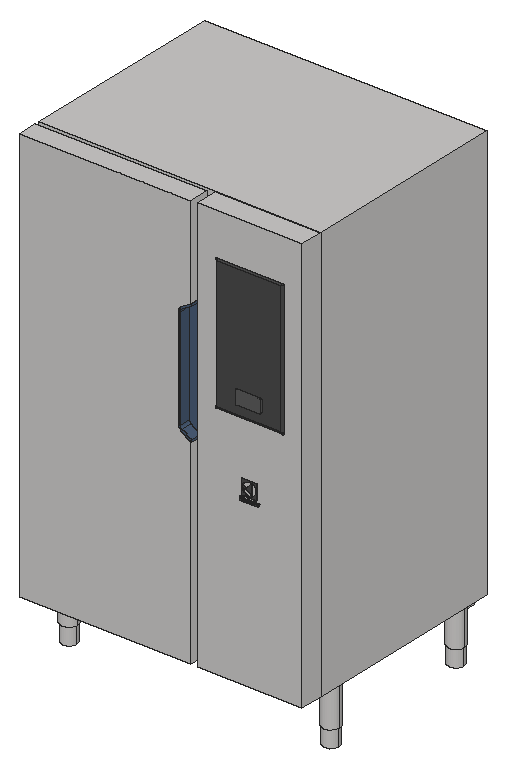
Revit family "QF_ELECTROLUXPROFESSIONAL_727875_EBFA21URE", category Specialty Equipment, Revit 2018
Family settings
  Round Connector Dimension = Use Diameter
  Part Type = Normal
  Work Plane-Based = No
  Always vertical = Yes
  Cut with Voids When Loaded = No
  Shared = No
  Room Calculation Point = No
Parameters
  Weight = 0.00 kg
  Watts = 0 W
  Volts = 380 V
  URL Manufacturer = "http://professional.electrolux.com"
  URL = "http://professional.electrolux.com"
  Steam Supply Size = 0 mm
  Steam Supply Minimum Pressure = 0.0 Pa
  Steam Supply Maximum Pressure = 0.0 Pa
  Steam Pounds per Hour = 0
  Show Logo [instance] = yes
  Show Clearance [instance] = yes
  Refrigeration Suction Line Size = 0 mm
  Refrigeration Liquid Line Size = 0 mm
  Refrigerant Compressor Remote = yes
  Manufacturer = "Electrolux"
  Phase = 3
  Model = "EBFA21URE"
  Length Actual = 1040 mm  # constant formula
  Item Number = "727875"
  Hot Water Size = 0 mm
  Height Actual = 1741 mm  # constant formula
  HP = "4 HP"
  Gas Size = 0 mm
  Gas KW = 0
  Gas Input Pressure = 0 W
  Direct Waste Size = 12.7 mm
  Description = "SKYLINE CHILLS BLAST CHILLER FREEZER 100/85KG 20 GN 1/1 - REMOTE REFRIGERATING UNIT - WITH UV LAMP"
  Depth Actual = 850 mm  # constant formula
  Cycle = 60 Hz
  Condensate Return Size = 0 mm
  Compressed Air Volume = 0.0 L/s
  Compressed Air Size = 0 mm
  Compressed Air Pressure = 0.0 Pa
  Cold Water Size = 0 mm
  Accessory = yes
Reference planes
  plane 1 "Center X": y = 129.851
  plane 2: z = 0
  plane 3 "Center Y": x = -384
  plane 4 "LEFT": x = -904
  plane 5 "BACK": y = 554.851
  plane 6 "RIGHT": x = 136
  plane 7 "FRONT": y = -295.149
  plane 8 "TOP": z = 1741
  plane 9: x = -866.5
  plane 10: y = 478.851
  plane 11: x = 98.5
  plane 12: y = -115.149
  plane 13: y = 616.851
  plane 14: y = -880.149
  plane 15: z = 210
  plane 16: x = -852
  plane 17: x = 84
  plane 18: z = 1174
Forms (mm)
  Extrusion 1, solid, material "QF_Finishes_Stainless Steel"
    sketch origin (0, 0, 1741) x (-1, 0, 0) y (0, -1, 0)
      loop
        line (904, -554.851) -> (904, 210.149) -> (-136, 210.149) -> (-136, -554.851) -> (904, -554.851)
    from 0 to -1531
  Extrusion 2, solid, material "QF_Finishes_Stainless Steel"
    sketch origin (-904, -0.954, 258.709) x (0, 1, 0) y (0, 0, 1)
      loop
        line (617.805, -10.759) -> (555.805, -10.759) -> (555.805, -142.72) -> (617.805, -142.72) -> (617.805, -10.759)
    from 572 to 941.96
  Extrusion 3, solid, material "QF_Finishes_Stainless Steel"
    sketch origin (-199.727, 554.851, 2076) x (1, 0, 0) y (0, 0, -1)
      loop
        circle (230.727, 1616) r 10.5
      loop
        circle (230.727, 1686) r 8
      loop
        circle (230.727, 1701) r 4.75
    from 0 to 90
  Extrusion 4, solid, material "QF_Finishes_Stainless Steel"
    sketch origin (0, 0, 210) x (0, -1, 0) y (-1, 0, 0)
      loop
        circle (-176.851, 270.5) r 9.5
    from 0 to 31.68
  Extrusion 5, solid, material "QF_Finishes_Stainless Steel"
    sketch origin (-642.679, -295.149, 0) x (1, 0, 0) y (0, 0, -1)
      loop
        line (369.7, -1741) -> (369.7, -1401.365) -> (333.447, -1377.283)
        arc (333.447, -1377.283) -> (327.216, -1370.436) -> (324.96, -1361.456) r 19
        line (324.96, -1361.456) -> (324.96, -986.544)
        arc (324.96, -986.544) -> (327.339, -977.083) -> (333.91, -969.873) r 20
        line (333.91, -969.873) -> (369.7, -946.15) -> (369.7, -210) -> (-261.321, -210) -> (-261.321, -1741) -> (369.7, -1741)
    from 0 to 70
  Extrusion 6, solid, material "QF_Finishes_Stainless Steel"
    sketch origin (-623, 0, 1060.038) x (1, 0, 0) y (0, 1, 0)
      loop
        line (759, -295.149) -> (759, -211.149) -> (372.993, -211.149) -> (372.993, -295.149) -> (759, -295.149)
    from 680.962 to -850.038
  Extrusion 7, solid, material "QF_Door-Drawer Clearances", visible <- "Show Clearance", detail levels coarse
    sketch origin (-623, 0, 1060.038) x (1, 0, 0) y (0, 1, 0)
      loop
        line (-246, -295.149) -> (-246, -877.649)
        arc (-246, -877.649) -> (165.972, -703.005) -> (350.021, -295.149) r 614
        line (350.021, -295.149) -> (-246, -295.149)
    from -850.038 to 680.962
  Extrusion 8, solid, material "QF_Finishes_Stainless Steel"
    sketch origin (-651.679, -235.149, 422.467) x (1, 0, 0) y (0, 0, -1)
      loop
        line (333.96, -564.076) -> (333.96, -938.989)
        arc (333.96, -938.989) -> (336.216, -947.969) -> (342.447, -954.816) r 19
        line (342.447, -954.816) -> (378.7, -978.898) -> (378.7, -523.683) -> (342.91, -547.406)
        arc (342.91, -547.406) -> (336.339, -554.616) -> (333.96, -564.076) r 20
    from -21 to 10
  Extrusion 9, solid, material "QF_Finishes_Electrolux_Blue"
    sketch origin (-651.679, -295.149, 422.467) x (-1, 0, 0) y (0, 0, -1)
      loop
        line (-378.7, -978.898) -> (-342.447, -954.816)
        arc (-342.447, -954.816) -> (-336.216, -947.969) -> (-333.96, -938.989) r 19
        line (-333.96, -938.989) -> (-333.96, -564.076)
        arc (-333.96, -564.076) -> (-336.339, -554.616) -> (-342.91, -547.406) r 20
        line (-342.91, -547.406) -> (-378.7, -523.683) -> (-381.2, -523.683) -> (-381.2, -529.824) -> (-346.501, -552.824)
        arc (-346.501, -552.824) -> (-342.066, -557.691) -> (-340.46, -564.076) r 13.5
        line (-340.46, -564.076) -> (-340.46, -938.989)
        arc (-340.46, -938.989) -> (-341.944, -944.897) -> (-346.043, -949.401) r 12.5
        line (-346.043, -949.401) -> (-381.2, -972.755) -> (-381.2, -978.898) -> (-378.7, -978.898)
    from -39 to 1
  Extrusion 10, void
    sketch origin (-904, -210.149, 1741) x (-1, 0, 0) y (0, 0, 1)
      loop
        line (-600.7, -65.802) -> (-600.7, -1517.802) -> (-46.5, -1517.802) -> (-46.5, -65.802) -> (-600.7, -65.802)
    from 0 to 704
  Extrusion 11, solid, material "QF_Door-Drawer Clearances", visible <- "Show Clearance", detail levels coarse
    sketch origin (-939, -461.949, 0) x (0, -1, 0) y (0, 0, -1)
      loop
        line (415.7, -1741) -> (415.7, -1401.365) -> (379.447, -1377.283)
        arc (379.447, -1377.283) -> (373.216, -1370.436) -> (370.96, -1361.456) r 19
        line (370.96, -1361.456) -> (370.96, -986.544)
        arc (370.96, -986.544) -> (373.339, -977.083) -> (379.91, -969.873) r 20
        line (379.91, -969.873) -> (415.7, -946.15) -> (415.7, -210) -> (-166.8, -210) -> (-166.8, -1741) -> (415.7, -1741)
    from 0 to 70
  Extrusion 12, solid, material "QF_Door-Drawer Clearances", visible <- "Show Clearance", detail levels coarse
    sketch origin (-879, -452.949, 422.467) x (0, -1, 0) y (0, 0, -1)
      loop
        line (379.96, -564.076) -> (379.96, -938.989)
        arc (379.96, -938.989) -> (382.216, -947.969) -> (388.447, -954.816) r 19
        line (388.447, -954.816) -> (424.7, -978.898) -> (424.7, -523.683) -> (388.91, -547.406)
        arc (388.91, -547.406) -> (382.339, -554.616) -> (379.96, -564.076) r 20
    from -21 to 10
  Extrusion 13, solid, material "QF_Door-Drawer Clearances", visible <- "Show Clearance", detail levels coarse
    sketch origin (-939, -452.949, 422.467) x (0, 1, 0) y (0, 0, -1)
      loop
        line (-424.7, -978.898) -> (-388.447, -954.816)
        arc (-388.447, -954.816) -> (-382.216, -947.969) -> (-379.96, -938.989) r 19
        line (-379.96, -938.989) -> (-379.96, -564.076)
        arc (-379.96, -564.076) -> (-382.339, -554.616) -> (-388.91, -547.406) r 20
        line (-388.91, -547.406) -> (-424.7, -523.683) -> (-427.2, -523.683) -> (-427.2, -529.824) -> (-392.501, -552.824)
        arc (-392.501, -552.824) -> (-388.066, -557.691) -> (-386.46, -564.076) r 13.5
        line (-386.46, -564.076) -> (-386.46, -938.989)
        arc (-386.46, -938.989) -> (-387.944, -944.897) -> (-392.043, -949.401) r 12.5
        line (-392.043, -949.401) -> (-427.2, -972.755) -> (-427.2, -978.898) -> (-424.7, -978.898)
    from -39 to 1
  Extrusion 14, solid, material "QF_Clearance", visible <- "Show Clearance", detail levels coarse
    sketch origin (-904, 909.851, 0) x (1, 0, 0) y (0, 1, 0)
      loop
        line (0, -1205) -> (0, -355) -> (1040, -355) -> (1040, -1205) -> (1140, -1205) -> (1140, -255) -> (-100, -255) -> (-100, -1205) -> (0, -1205)
    from 0 to 1841
  Extrusion 15, solid, material "QF_Clearance", visible <- "Show Clearance", detail levels coarse
    sketch origin (-1150.39, -1542.9, 1741) x (-1, 0, 0) y (0, -1, 0)
      loop
        line (-246.39, -1247.751) -> (-1286.39, -1247.751) -> (-1286.39, -2097.751) -> (-246.39, -2097.751) -> (-246.39, -1247.751)
    from 0 to 100
Cuts and joins
  Extrusion 10 cuts Extrusion 1
  Extrusion 10 cuts Extrusion 2
  Extrusion 10 cuts Extrusion 3
  Extrusion 10 cuts Extrusion 4
  joined: Extrusion 1, Extrusion 2, Extrusion 3, Extrusion 4
  joined: Extrusion 5, Extrusion 8
  joined: Extrusion 7, Extrusion 11, Extrusion 12, Extrusion 13
  joined: Extrusion 14, Extrusion 15
Lines and regions (mm)
  symbolic lines
    curve 1: line (-904, 554.851, 1741) -> (136, 554.851, 1741)
    curve 2: line (-904, -210.149, 1741) -> (-904, 554.851, 1741)
    curve 3: line (136, -295.149, 1741) -> (-250.007, -295.149, 1741)
    curve 4: line (136, 554.851, 1741) -> (136, -295.149, 1741)
    curve 5: line (61.997, -300.149, 1741) -> (-176.003, -300.149, 1741)
    curve 6: line (-176.003, -300.149, 1741) -> (-184.003, -295.149, 1741)
    curve 7: line (61.997, -300.149, 1741) -> (69.997, -295.149, 1741)
    curve 12: line (-250.007, -295.149, 0) -> (-250.007, -210.149, 0)
    curve 13: line (-250.007, -210.149, 0) -> (-904, -210.149, 0)
    curve 14: line (-904, -225.149, 0) -> (-272.979, -225.149, 0)
    curve 15: line (-904, -295.149, 0) -> (-904, -225.149, 0)
    curve 16: line (-272.979, -295.149, 0) -> (-904, -295.149, 0)
    curve 17: line (-272.979, -225.149, 0) -> (-272.979, -295.149, 0)
    curve 18: line (-317.719, -296.149, 0) -> (-270.479, -296.149, 0)
    curve 19: line (-270.479, -296.149, 0) -> (-270.479, -256.149, 0)
    curve 20: line (-270.479, -256.149, 0) -> (-272.979, -256.149, 0)
    curve 21: line (-317.719, -296.149, 0) -> (-317.719, -295.149, 0)
    curve 26: line (20.5, 644.851, 0) -> (41.5, 644.851, 0)
    curve 27: line (41.5, 644.851, 0) -> (41.5, 554.851, 0)
    curve 28: line (20.5, 644.851, 0) -> (20.5, 554.851, 0)
    curve 29: line (20.5, 616.851, 0) -> (-332, 616.851, 0)
    curve 30: line (-332, 616.851, 0) -> (-332, 554.851, 0)
  symbolic lines, style "QF_Door-Drawer Clearances", visible <- "Show Clearance"
    curve 8: arc (-272.979, -295.149, 1741) -> (-457.028, -703.005, 1741) -> (-869, -877.649, 1741) r 614
    curve 9: line (-939, -877.649, 1741) -> (-939, -295.149, 1741)
    curve 10: line (-869, -877.649, 1741) -> (-939, -877.649, 1741)
    curve 11: line (-869, -877.649, 1741) -> (-869, -295.149, 1741)
  symbolic lines, style "QF_Door-Drawer Clearances"
    curve 22: line (-869, -877.649, 0) -> (-939, -877.649, 0)
  symbolic lines, style "QF_Clearances", visible <- "Show Clearance", detail levels coarse
    curve 23: line (-1004, 654.851, 0) -> (-1004, -295.149, 0)
    curve 24: line (236, 654.851, 0) -> (-1004, 654.851, 0)
    curve 25: line (236, -295.149, 0) -> (236, 654.851, 0)
Dimensions and locks
  equal spacing: plane 4 "LEFT", plane 3 "Center Y", plane 6 "RIGHT"
  plane 4 "LEFT" to plane 6 "RIGHT" = 1040 mm
  plane 5 "BACK" to plane 7 "FRONT" = 850 mm
  equal spacing: plane 5 "BACK", plane 1 "Center X", plane 7 "FRONT"
  plane 15 to Extrusion 3 sketch curve = 250 mm
  plane 5 "BACK" to Extrusion 4 sketch curve = 378 mm
  plane 4 "LEFT" to Extrusion 4 sketch curve = 633.5 mm
  plane 6 "RIGHT" to Extrusion 3 sketch curve = 105 mm
  plane 8 "TOP" to level = 1741 mm
  Extrusion 3 sketch curve to Extrusion 6 = 165 mm
  Extrusion 3 sketch curve to Extrusion 6 = 180 mm
  aligned and locked: level to plane 2
  aligned and locked: plane 11 to nested 2
  aligned and locked: plane 9 to nested 1
  aligned and locked: nested 1 to plane 12
  aligned and locked: nested 2 to plane 12
  aligned and locked: Extrusion 9 to Extrusion 8
  aligned and locked: nested 4 to plane 10
  aligned and locked: nested 3 to plane 10
  aligned and locked: Extrusion 13 to Extrusion 12
Automatic sketch dimensions
  Extrusion 5 sketch curve to plane 4 "LEFT" = 0 mm
  Extrusion 5 sketch curve to plane 15 = 0 mm
  Extrusion 5 sketch curve to plane 8 "TOP" = 0 mm
  plane 3 "Center Y" to Extrusion 5 sketch curve = 66.281 mm
  Extrusion 5 sketch curve to Extrusion 5 sketch curve = 8.487 mm
  Extrusion 5 sketch curve to Extrusion 5 sketch curve = 8.95 mm
  Extrusion 5 sketch curve to Extrusion 5 sketch curve = 19 mm
  Extrusion 5 sketch curve to Extrusion 5 sketch curve = 11.05 mm
  Extrusion 5 sketch curve to Extrusion 5 sketch curve = 35.79 mm
  Extrusion 5 sketch curve to Extrusion 5 sketch curve = 36.253 mm
  plane 18 to Extrusion 5 sketch curve = 227.365 mm
  Extrusion 5 sketch curve to Extrusion 5 sketch curve = 24.082 mm
  Extrusion 5 sketch curve to plane 18 = 187.456 mm
  Extrusion 5 sketch curve to Extrusion 5 sketch curve = 23.723 mm
  plane 3 "Center Y" to Extrusion 8 sketch curve = 66.281 mm
  Extrusion 8 sketch curve to Extrusion 8 sketch curve = 8.487 mm
  Extrusion 8 sketch curve to Extrusion 8 sketch curve = 8.95 mm
  Extrusion 8 sketch curve to Extrusion 8 sketch curve = 10.513 mm
  Extrusion 8 sketch curve to Extrusion 8 sketch curve = 11.05 mm
  plane 18 to Extrusion 8 sketch curve = 203.283 mm
  Extrusion 8 sketch curve to plane 18 = 187.456 mm
  Extrusion 8 sketch curve to Extrusion 8 sketch curve = 36.253 mm
  Extrusion 8 sketch curve to Extrusion 8 sketch curve = 35.79 mm
  Extrusion 8 sketch curve to Extrusion 8 sketch curve = 0 mm  (x3)
  Extrusion 8 sketch curve to Extrusion 8 sketch curve = 24.082 mm
  Extrusion 8 sketch curve to Extrusion 8 sketch curve = 23.723 mm
  Extrusion 9 sketch curve to Extrusion 9 sketch curve = 0 mm  (x4)
  plane 3 "Center Y" to Extrusion 9 sketch curve = 113.521 mm  (x2)
  Extrusion 9 sketch curve to Extrusion 9 sketch curve = 2.5 mm  (x2)
  Extrusion 9 sketch curve to Extrusion 9 sketch curve = 27.24 mm
  Extrusion 9 sketch curve to Extrusion 9 sketch curve = 28.24 mm
  Extrusion 9 sketch curve to Extrusion 9 sketch curve = 7.459 mm
  Extrusion 9 sketch curve to Extrusion 9 sketch curve = 6.917 mm
  Extrusion 9 sketch curve to Extrusion 9 sketch curve = 3.591 mm
  Extrusion 9 sketch curve to Extrusion 9 sketch curve = 3.597 mm
  Extrusion 9 sketch curve to Extrusion 9 sketch curve = 5.583 mm
  Extrusion 9 sketch curve to Extrusion 9 sketch curve = 6.5 mm
  plane 18 to Extrusion 9 sketch curve = 227.365 mm
  Extrusion 9 sketch curve to Extrusion 9 sketch curve = 6.143 mm
  Extrusion 9 sketch curve to Extrusion 9 sketch curve = 17.939 mm
  Extrusion 9 sketch curve to plane 18 = 187.456 mm
  Extrusion 9 sketch curve to Extrusion 9 sketch curve = 23 mm
  Extrusion 9 sketch curve to Extrusion 9 sketch curve = 6.141 mm
  Extrusion 10 sketch curve to Extrusion 1 = 13.198 mm
  Extrusion 1 to Extrusion 10 sketch curve = 439.3 mm
  Extrusion 10 sketch curve to Extrusion 1 = 46.5 mm
  Extrusion 10 sketch curve to Extrusion 1 = 65.802 mm
  Extrusion 11 sketch curve to plane 8 "TOP" = 0 mm
  Extrusion 11 sketch curve to plane 15 = 0 mm
  plane 7 "FRONT" to Extrusion 11 sketch curve = 0 mm
  plane 14 to Extrusion 11 sketch curve = 47.24 mm
  plane 18 to Extrusion 11 sketch curve = 203.283 mm
  Extrusion 11 sketch curve to Extrusion 11 sketch curve = 8.487 mm
  Extrusion 11 sketch curve to plane 18 = 204.127 mm
  Extrusion 11 sketch curve to Extrusion 11 sketch curve = 8.95 mm
  Extrusion 11 sketch curve to Extrusion 11 sketch curve = 19 mm
  Extrusion 11 sketch curve to Extrusion 11 sketch curve = 11.05 mm
  Extrusion 11 sketch curve to Extrusion 11 sketch curve = 35.79 mm
  Extrusion 11 sketch curve to Extrusion 11 sketch curve = 36.253 mm
  Extrusion 11 sketch curve to Extrusion 11 sketch curve = 24.082 mm
  Extrusion 11 sketch curve to Extrusion 11 sketch curve = 23.723 mm
  plane 14 to Extrusion 12 sketch curve = 47.24 mm
  Extrusion 12 sketch curve to Extrusion 12 sketch curve = 8.487 mm
  Extrusion 12 sketch curve to Extrusion 12 sketch curve = 8.95 mm
  Extrusion 12 sketch curve to Extrusion 12 sketch curve = 19 mm
  Extrusion 12 sketch curve to Extrusion 12 sketch curve = 11.05 mm
  plane 18 to Extrusion 12 sketch curve = 203.283 mm
  Extrusion 12 sketch curve to plane 18 = 187.456 mm
  Extrusion 12 sketch curve to Extrusion 12 sketch curve = 36.253 mm
  Extrusion 12 sketch curve to Extrusion 12 sketch curve = 35.79 mm
  Extrusion 12 sketch curve to Extrusion 12 sketch curve = 0 mm  (x3)
  Extrusion 12 sketch curve to Extrusion 12 sketch curve = 24.082 mm
  Extrusion 12 sketch curve to Extrusion 12 sketch curve = 23.723 mm
  Extrusion 13 sketch curve to Extrusion 13 sketch curve = 0 mm  (x4)
  Extrusion 13 sketch curve to plane 14 = 0 mm  (x2)
  Extrusion 13 sketch curve to Extrusion 13 sketch curve = 2.5 mm  (x2)
  Extrusion 13 sketch curve to Extrusion 13 sketch curve = 27.24 mm
  Extrusion 13 sketch curve to Extrusion 13 sketch curve = 28.24 mm
  Extrusion 13 sketch curve to Extrusion 13 sketch curve = 7.459 mm
  Extrusion 13 sketch curve to Extrusion 13 sketch curve = 6.917 mm
  Extrusion 13 sketch curve to Extrusion 13 sketch curve = 3.591 mm
  Extrusion 13 sketch curve to Extrusion 13 sketch curve = 3.597 mm
  Extrusion 13 sketch curve to Extrusion 13 sketch curve = 5.583 mm
  Extrusion 13 sketch curve to Extrusion 13 sketch curve = 6.5 mm
  plane 18 to Extrusion 13 sketch curve = 227.365 mm
  Extrusion 13 sketch curve to Extrusion 13 sketch curve = 6.143 mm
  Extrusion 13 sketch curve to Extrusion 13 sketch curve = 17.939 mm
  Extrusion 13 sketch curve to plane 18 = 187.456 mm
  Extrusion 13 sketch curve to Extrusion 13 sketch curve = 23 mm
  Extrusion 13 sketch curve to Extrusion 13 sketch curve = 6.141 mm
  Extrusion 7 sketch curve to plane 7 "FRONT" = 0 mm
  plane 4 "LEFT" to Extrusion 7 sketch curve = 17.818 mm
  Extrusion 7 sketch curve to plane 9 = 2.5 mm
  plane 3 "Center Y" to Extrusion 7 sketch curve = 111.021 mm
  plane 14 to Extrusion 7 sketch curve = 2.5 mm
  Extrusion 1 sketch curve to plane 5 "BACK" = 0 mm
  Extrusion 1 sketch curve to plane 6 "RIGHT" = 0 mm
  Extrusion 1 sketch curve to plane 4 "LEFT" = 0 mm
  plane 7 "FRONT" to Extrusion 1 sketch curve = 85 mm
  Extrusion 6 sketch curve to plane 7 "FRONT" = 0 mm
  Extrusion 6 sketch curve to plane 6 "RIGHT" = 0 mm
  plane 3 "Center Y" to Extrusion 6 sketch curve = 133.993 mm
  Extrusion 6 sketch curve to Extrusion 6 sketch curve = 84 mm
  Extrusion 2 sketch curve to plane 5 "BACK" = 0 mm
  Extrusion 2 sketch curve to plane 13 = 0 mm
  Extrusion 2 sketch curve to plane 15 = 94.012 mm
  plane 15 to Extrusion 2 sketch curve = 37.95 mm
  Extrusion 3 sketch curve to Extrusion 3 sketch curve = 0 mm  (x2)
  Extrusion 14 sketch curve to plane 7 "FRONT" = 0 mm  (x2)
  Extrusion 14 sketch curve to plane 6 "RIGHT" = 1140 mm
  Extrusion 14 sketch curve to Extrusion 14 sketch curve = 100 mm  (x3)
  Extrusion 14 sketch curve to plane 13 = 62 mm
  Extrusion 14 sketch curve to Extrusion 14 sketch curve = 1040 mm
  Extrusion 15 sketch curve to plane 6 "RIGHT" = 0 mm
  Extrusion 15 sketch curve to plane 4 "LEFT" = 0 mm
  Extrusion 15 sketch curve to plane 5 "BACK" = 0 mm
  Extrusion 15 sketch curve to plane 7 "FRONT" = 0 mm
  curve 23 to plane 7 "FRONT" = 0 mm
  curve 15 to plane 4 "LEFT" = 0 mm
  curve 13 to plane 4 "LEFT" = 0 mm
  curve 30 to plane 5 "BACK" = 0 mm
  curve 29 to plane 13 = 0 mm
  curve 21 to plane 7 "FRONT" = 0 mm
  curve 12 to plane 7 "FRONT" = 0 mm
  curve 28 to plane 5 "BACK" = 0 mm
  curve 27 to plane 5 "BACK" = 0 mm
  curve 25 to plane 7 "FRONT" = 0 mm
  plane 13 to curve 24 = 38 mm
  curve 24 to plane 4 "LEFT" = 100 mm
  curve 18 to plane 7 "FRONT" = 1 mm
  plane 3 "Center Y" to curve 18 = 66.281 mm
  curve 21 to curve 17 = 44.74 mm
  curve 16 to curve 19 = 2.5 mm
  curve 14 to curve 12 = 22.972 mm
  plane 13 to curve 26 = 28 mm
  curve 26 to plane 17 = 63.5 mm
  curve 26 to curve 27 = 21 mm
  plane 6 "RIGHT" to curve 24 = 100 mm
  plane 7 "FRONT" to curve 19 = 39 mm
  plane 7 "FRONT" to curve 15 = 70 mm
  curve 14 to curve 12 = 15 mm
  plane 14 to curve 22 = 2.5 mm
  curve 22 to plane 4 "LEFT" = 35 mm
  curve 22 to plane 9 = 2.5 mm
  plane 3 "Center Y" to curve 30 = 52 mm
  curve 1 to plane 5 "BACK" = 0 mm
  curve 1 to plane 6 "RIGHT" = 0 mm
  curve 7 to plane 7 "FRONT" = 0 mm
  curve 8 to plane 7 "FRONT" = 0 mm
  curve 11 to plane 7 "FRONT" = 0 mm
  curve 2 to plane 4 "LEFT" = 0 mm
  curve 9 to plane 7 "FRONT" = 0 mm
  curve 7 to plane 7 "FRONT" = 5 mm
  curve 7 to plane 17 = 22.003 mm
  plane 3 "Center Y" to curve 6 = 207.997 mm
  curve 11 to plane 9 = 2.5 mm
  plane 4 "LEFT" to curve 8 = 17.818 mm
  plane 14 to curve 10 = 2.5 mm
  curve 10 to plane 4 "LEFT" = 35 mm
  plane 7 "FRONT" to curve 8 = 31.26 mm
  curve 7 to curve 5 = 8 mm
  curve 5 to curve 6 = 8 mm
  curve 3 to curve 8 = 22.972 mm
  curve 2 to curve 8 = 53.74 mm
  radius of Extrusion 4 sketch curve = 9.5 mm
  radius of Extrusion 3 sketch curve = 10.5 mm
  radius of Extrusion 3 sketch curve = 8 mm
  radius of Extrusion 3 sketch curve = 4.75 mm
Nested families
  nested 1: "Foot_Complete" at (-866.5, -115.149, 0), type "Foot_Complete"
    with H 210 mm
  nested 2: "Foot_Complete" at (98.5, -115.149, 0), type "Foot_Complete"
    with H 210 mm
  nested 3: "Foot_Complete" at (84, 478.851, 0), type "Foot_Complete"
    with H 210 mm
  nested 4: "Foot_Complete" at (-852, 478.851, 0), type "Foot_Complete"
    with H 210 mm
  nested 5: "ELX_Touch" at (-57.003, -295.149, 1337) x (-1, 0, 0) z (0, -1, 0), type "ELX_Touch"
  nested 6: "ELX_Logo_S_New" at (-57.003, -295.149, 824) x (1, 0, 0) z (0, -1, 0), visible <- "Show Logo", type "ELX_Logo_S_New"
    with M QF_Finishes_Black
  nested 7: "ELX_Logo_Symbol" at (-57.003, -295.149, 864) x (-1, 0, 0) z (0, -1, 0), visible <- "Show Logo", type "ELX_Logo_Symbol"
    with M QF_Finishes_Black
Connectors
  electrical at (31, 644.851, 460), driven by "Volts"
    settings: on Extrusion 3, index 5, voltage 380 V, apparent load 0 VA, apparent load phase1 0 VA, apparent load phase2 0 VA, apparent load phase3 0 VA, power factor 1, load classification "Altro", number of poles 1, system type 30, power factor state 1, is connector primary yes, connector utility no, sub classification motor no, connector description "Electrical Connection"
  piping at (-270.5, 176.851, 178.32), diameter 19
    settings: on cut or joined group of Extrusion 1, Extrusion 2, Extrusion 3, Extrusion 4, Extrusion 10, index 6, connector inside diameter 609.6 mm, connector length 0 mm, flow factor 0, pipe flow 0.0 L/s, pressure drop 0.0 Pa, fitting loss kfactor 0, connector angle 0.00°, fixture units 0, engagement length 0 mm, angle of deflection 0.00°, flow configuration 1, flow direction 2, fitting loss method 0, system type 16, joint type 0, gender type 0, connector reference index -1, connector utility 0, adjustable connector no, is connector primary yes, connector description "Drain"
  piping at (31, 644.851, 390), diameter 16
    settings: on cut or joined group of Extrusion 1, Extrusion 2, Extrusion 3, Extrusion 4, Extrusion 10, index 7, connector inside diameter 609.6 mm, connector length 0 mm, flow factor 0, pipe flow 0.0 L/s, pressure drop 0.0 Pa, fitting loss kfactor 0, connector angle 0.00°, fixture units 0, engagement length 0 mm, angle of deflection 0.00°, flow configuration 1, flow direction 1, fitting loss method 0, system type 8, joint type 0, gender type 0, connector reference index -1, connector utility 0, adjustable connector no, is connector primary no, connector description "Refrigerant Outlet"
  piping at (31, 644.851, 375), diameter 9.5
    settings: on cut or joined group of Extrusion 1, Extrusion 2, Extrusion 3, Extrusion 4, Extrusion 10, index 8, connector inside diameter 609.6 mm, connector length 0 mm, flow factor 0, pipe flow 0.0 L/s, pressure drop 0.0 Pa, fitting loss kfactor 0, connector angle 0.00°, fixture units 0, engagement length 0 mm, angle of deflection 0.00°, flow configuration 0, flow direction 0, fitting loss method 0, system type 7, joint type 0, gender type 0, connector reference index -1, connector utility 0, adjustable connector no, is connector primary no, connector description "Refrigerant Inlet"
Definition of nested family "Foot_Complete"
  Parameters
    R = 32 mm
    H = 150 mm
  Reference planes
    plane 1 "Centro (Fronte/Retro)": y = 0
    plane 2: z = 0
    plane 3 "Centro (Sinistra/Destra)": x = 0
    plane 4: z = 150
  Forms (mm)
    Revolve 1, solid
      sketch origin (255.05, 0, 608.09) x (0, 0, 1) y (-1, 0, 0)
        loop
          line (-608.09, 255.05) -> (-608.09, 226.55) -> (-544.09, 226.55) -> (-544.09, 223.05) -> (-458.09, 223.05) -> (-458.09, 255.05) -> (-608.09, 255.05)
        axis (-608.09, 255.05) -> (-458.09, 255.05)
      angle from 0 to 360
  Dimensions and locks
    locked: level to Revolve 1 sketch curve at 64
    "R": Revolve 1 sketch curve to plane 3 "Centro (Sinistra/Destra)"
    "H": plane 4 to level
    aligned and locked: level to plane 2
    aligned and locked: plane 4 to Revolve 1 sketch curve
    aligned and locked: Revolve 1 sketch curve to level
    aligned and locked: plane 3 "Centro (Sinistra/Destra)" to Revolve 1 sketch curve
  Automatic sketch dimensions
    Revolve 1 sketch curve to plane 3 "Centro (Sinistra/Destra)" = 0 mm
    plane 3 "Centro (Sinistra/Destra)" to Revolve 1 sketch curve = 28.5 mm
    Revolve 1 sketch curve to Revolve 1 sketch curve = 50 mm
    Revolve 1 sketch curve to Revolve 1 sketch curve = 20 mm
Definition of nested family "ELX_Touch"
  Parameters
    Default Elevation = 1219.2 mm
  Reference planes
    plane 1 "Centro (Fronte/Retro)": y = 0
    plane 2: z = 0
    plane 3 "Centro (Sinistra/Destra)": x = 0
  Forms (mm)
    Extrusion 1, solid
      sketch origin (0, 0, 0) x (1, 0, 0) y (0, 1, 0)
        loop
          line (-1219.2, 1219.2) -> (-1219.2, -1219.2) -> (1219.2, -1219.2) -> (1219.2, 1219.2) -> (-1219.2, 1219.2)
      from 0 to -304.8
    Extrusion 2, solid
      sketch origin (0, 0, 5) x (1, 0, 0) y (0, 1, 0)
        loop
          line (-47, -160) -> (-47, -202)
          arc (-47, -202) -> (-45.536, -205.535) -> (-42, -207) r 5
          line (-42, -207) -> (42, -207)
          arc (42, -207) -> (45.536, -205.535) -> (47, -202) r 5
          line (47, -202) -> (47, -160)
          arc (47, -160) -> (45.536, -156.465) -> (42, -155) r 5
          line (42, -155) -> (-42, -155)
          arc (-42, -155) -> (-45.536, -156.465) -> (-47, -160) r 5
      from 0 to 2
    Blend 3, solid
      base sketch origin (0, 0, 0) x (1, 0, 0) y (0, 1, 0)
        loop
          line (-127, 244) -> (-127, -244)
          arc (-127, -244) -> (-125.536, -247.536) -> (-122, -249) r 5
          line (-122, -249) -> (122, -249)
          arc (122, -249) -> (125.536, -247.536) -> (127, -244) r 5
          line (127, -244) -> (127, 244)
          arc (127, 244) -> (125.536, 247.536) -> (122, 249) r 5
          line (122, 249) -> (-122, 249)
          arc (-122, 249) -> (-125.536, 247.536) -> (-127, 244) r 5
      top sketch origin (0, 0, 0) x (1, 0, 0) y (0, 1, 0)
        loop
          line (-119, -241) -> (119, -241) -> (119, 241) -> (-119, 241) -> (-119, -241)
      from 0 to 5
  Lines and regions (mm)
    Split face 1
      outline origin (0, 0, 5) x (1, 0, 0) y (0, 1, 0)
        loop
          line (-70.506, 46.167) -> (70.506, 46.167) -> (70.506, 214.829) -> (-70.506, 214.829) -> (-70.506, 46.167)
    Split face 2
      outline origin (0, 0, 5) x (1, 0, 0) y (0, 1, 0)
        loop
          line (-47.467, 50.825) -> (47.467, 50.825) -> (47.467, 210.171) -> (-47.467, 210.171) -> (-47.467, 50.825)
    Split face 3
      outline origin (0, 0, 5) x (1, 0, 0) y (0, 1, 0)
        loop
          line (-70.521, -215.33) -> (70.521, -215.33) -> (70.521, -146.67) -> (-70.521, -146.67) -> (-70.521, -215.33)
    Split face 4
      outline origin (0, 0, 5) x (1, 0, 0) y (0, 1, 0)
        loop
          line (-119, 201.163) -> (-70.506, 201.163)
        loop
          line (70.506, 201.163) -> (119, 201.163)
        loop
          line (70.521, -200.849) -> (119, -200.849)
        loop
          line (-119, -200.849) -> (-70.521, -200.849)
  Dimensions and locks
    aligned and locked: plane 2 to Extrusion 1
    aligned and locked: level to Extrusion 1
Definition of nested family "ELX_Logo_S_New"
  Parameters
    Default Elevation = 0 mm
    M [instance] = none
  Reference planes
    plane 1 "Centro (Fronte/Retro)": y = 0
    plane 2: z = 0
    plane 3 "Centro (Sinistra/Destra)": x = 0
  Forms (mm)
    Extrusion 1, solid
      sketch origin (0, 0, 0) x (1, 0, 0) y (0, 1, 0)
        loop
          line (-1219.2, 1219.2) -> (-1219.2, -1219.2) -> (1219.2, -1219.2) -> (1219.2, 1219.2) -> (-1219.2, 1219.2)
      from 0 to -304.8
    Extrusion 2, solid, material <- "M"
      sketch origin (0, 0, 0) x (1, 0, 0) y (0, 1, 0)
        loop
          spline (-32.537, -4.135) -> (-32.702, -4.128) -> (-32.877, -4.105) -> (-33.059, -4.064) -> (-33.242, -4.002) -> (-33.422, -3.916) -> (-33.593, -3.803) -> (-33.751, -3.66) -> (-33.891, -3.486) -> (-34.008, -3.276) -> (-34.098, -3.029) -> (-34.155, -2.741) -> (-34.176, -2.41)
          line (-34.176, -2.41) -> (-34.176, -0.943) -> (-29.331, -0.943) -> (-29.331, 0.928) -> (-34.176, 0.928) -> (-34.176, 3.652) -> (-29.023, 3.652) -> (-29.023, 5.518) -> (-36.159, 5.518) -> (-36.159, -2.326)
          spline (-36.159, -2.326) -> (-36.142, -2.808) -> (-36.088, -3.263) -> (-35.996, -3.688) -> (-35.867, -4.083) -> (-35.698, -4.445) -> (-35.489, -4.773) -> (-35.239, -5.066) -> (-34.946, -5.322) -> (-34.61, -5.539) -> (-34.23, -5.716) -> (-33.804, -5.851) -> (-33.332, -5.943)
          line (-33.332, -5.943) -> (-32.554, -5.999) -> (-28.885, -5.999) -> (-28.885, -4.135) -> (-32.537, -4.135)
        loop
          line (-27.476, 0.076) -> (-27.476, -6.002) -> (-25.492, -6.002) -> (-25.492, 5.521) -> (-27.476, 5.521) -> (-27.476, 0.076)
        loop
          spline (-15.702, -2.321) -> (-15.689, -1.697) -> (-15.749, -1.094) -> (-15.879, -0.516) -> (-16.078, 0.029) -> (-16.341, 0.538) -> (-16.668, 1.004) -> (-17.055, 1.422) -> (-17.5, 1.786) -> (-17.999, 2.091) -> (-18.552, 2.331) -> (-19.154, 2.5) -> (-19.804, 2.594)
          spline (-19.804, 2.594) -> (-20.422, 2.558) -> (-21.009, 2.453) -> (-21.56, 2.28) -> (-22.072, 2.042) -> (-22.54, 1.743) -> (-22.96, 1.385) -> (-23.327, 0.97) -> (-23.638, 0.502) -> (-23.887, -0.018) -> (-24.07, -0.586) -> (-24.183, -1.2) -> (-24.222, -1.857)
          spline (-24.222, -1.857) -> (-24.184, -2.498) -> (-24.074, -3.097) -> (-23.895, -3.652) -> (-23.651, -4.16) -> (-23.344, -4.618) -> (-22.979, -5.023) -> (-22.559, -5.374) -> (-22.087, -5.667) -> (-21.567, -5.899) -> (-21.003, -6.068) -> (-20.397, -6.172) -> (-19.754, -6.207)
          spline (-19.754, -6.207) -> (-19.44, -6.2) -> (-19.13, -6.176) -> (-18.823, -6.135) -> (-18.52, -6.074) -> (-18.221, -5.993) -> (-17.925, -5.89) -> (-17.634, -5.762) -> (-17.346, -5.609) -> (-17.062, -5.43) -> (-16.782, -5.221) -> (-16.506, -4.983) -> (-16.234, -4.713)
          line (-16.234, -4.713) -> (-17.429, -3.55)
          spline (-17.429, -3.55) -> (-17.587, -3.702) -> (-17.745, -3.841) -> (-17.906, -3.967) -> (-18.07, -4.08) -> (-18.239, -4.181) -> (-18.415, -4.268) -> (-18.599, -4.343) -> (-18.792, -4.404) -> (-18.996, -4.452) -> (-19.213, -4.486) -> (-19.443, -4.506) -> (-19.688, -4.513)
          spline (-19.688, -4.513) -> (-20.047, -4.496) -> (-20.383, -4.443) -> (-20.696, -4.358) -> (-20.984, -4.24) -> (-21.246, -4.092) -> (-21.479, -3.915) -> (-21.683, -3.711) -> (-21.856, -3.48) -> (-21.997, -3.224) -> (-22.104, -2.945) -> (-22.176, -2.643) -> (-22.212, -2.321)
          line (-22.212, -2.321) -> (-15.702, -2.321)
        loop
          spline (-17.695, -0.926) -> (-17.714, -0.681) -> (-17.771, -0.445) -> (-17.861, -0.221) -> (-17.984, -0.01) -> (-18.135, 0.184) -> (-18.314, 0.36) -> (-18.516, 0.516) -> (-18.741, 0.648) -> (-18.984, 0.755) -> (-19.244, 0.834) -> (-19.518, 0.883) -> (-19.804, 0.9)
          spline (-19.804, 0.9) -> (-20.11, 0.884) -> (-20.405, 0.835) -> (-20.686, 0.757) -> (-20.95, 0.652) -> (-21.195, 0.521) -> (-21.419, 0.367) -> (-21.618, 0.192) -> (-21.79, -0.003) -> (-21.934, -0.214) -> (-22.045, -0.439) -> (-22.122, -0.678) -> (-22.162, -0.926)
          line (-22.162, -0.926) -> (-17.695, -0.926)
        loop
          spline (-12.669, -1.807) -> (-12.646, -1.438) -> (-12.58, -1.088) -> (-12.472, -0.759) -> (-12.326, -0.455) -> (-12.145, -0.177) -> (-11.93, 0.072) -> (-11.685, 0.289) -> (-11.412, 0.473) -> (-11.114, 0.62) -> (-10.793, 0.728) -> (-10.453, 0.794) -> (-10.095, 0.817)
          spline (-10.095, 0.817) -> (-9.876, 0.81) -> (-9.665, 0.79) -> (-9.464, 0.756) -> (-9.271, 0.709) -> (-9.086, 0.65) -> (-8.908, 0.578) -> (-8.737, 0.495) -> (-8.572, 0.399) -> (-8.414, 0.292) -> (-8.261, 0.173) -> (-8.113, 0.044) -> (-7.969, -0.096)
          line (-7.969, -0.096) -> (-6.741, 1.183)
          spline (-6.741, 1.183) -> (-6.985, 1.427) -> (-7.237, 1.647) -> (-7.496, 1.843) -> (-7.762, 2.015) -> (-8.034, 2.164) -> (-8.312, 2.291) -> (-8.596, 2.397) -> (-8.886, 2.482) -> (-9.181, 2.546) -> (-9.481, 2.592) -> (-9.786, 2.619) -> (-10.095, 2.627)
          spline (-10.095, 2.627) -> (-10.715, 2.589) -> (-11.308, 2.476) -> (-11.871, 2.294) -> (-12.396, 2.046) -> (-12.88, 1.736) -> (-13.316, 1.369) -> (-13.7, 0.949) -> (-14.026, 0.48) -> (-14.289, -0.035) -> (-14.483, -0.59) -> (-14.604, -1.182) -> (-14.645, -1.807)
          spline (-14.645, -1.807) -> (-14.604, -2.431) -> (-14.483, -3.023) -> (-14.289, -3.578) -> (-14.026, -4.093) -> (-13.7, -4.562) -> (-13.316, -4.983) -> (-12.88, -5.35) -> (-12.396, -5.659) -> (-11.871, -5.907) -> (-11.308, -6.09) -> (-10.715, -6.202) -> (-10.095, -6.24)
          spline (-10.095, -6.24) -> (-9.786, -6.232) -> (-9.481, -6.205) -> (-9.181, -6.16) -> (-8.886, -6.095) -> (-8.596, -6.01) -> (-8.312, -5.904) -> (-8.034, -5.777) -> (-7.762, -5.628) -> (-7.496, -5.456) -> (-7.237, -5.26) -> (-6.985, -5.04) -> (-6.741, -4.796)
          line (-6.741, -4.796) -> (-7.969, -3.517)
          spline (-7.969, -3.517) -> (-8.113, -3.657) -> (-8.261, -3.786) -> (-8.414, -3.905) -> (-8.572, -4.012) -> (-8.737, -4.108) -> (-8.908, -4.192) -> (-9.086, -4.263) -> (-9.271, -4.323) -> (-9.464, -4.369) -> (-9.665, -4.403) -> (-9.876, -4.423) -> (-10.095, -4.43)
          spline (-10.095, -4.43) -> (-10.453, -4.408) -> (-10.793, -4.341) -> (-11.114, -4.233) -> (-11.412, -4.086) -> (-11.685, -3.902) -> (-11.93, -3.685) -> (-12.145, -3.436) -> (-12.326, -3.158) -> (-12.472, -2.854) -> (-12.58, -2.526) -> (-12.646, -2.176) -> (-12.669, -1.807)
        loop
          spline (-1.683, -4.138) -> (-1.858, -4.14) -> (-2.045, -4.127) -> (-2.24, -4.095) -> (-2.438, -4.04) -> (-2.633, -3.959) -> (-2.822, -3.85) -> (-2.998, -3.709) -> (-3.157, -3.533) -> (-3.294, -3.318) -> (-3.404, -3.061) -> (-3.483, -2.76) -> (-3.524, -2.411)
          line (-3.524, -2.411) -> (-3.524, 0.529) -> (-1.72, 0.529) -> (-1.72, 2.331) -> (-3.522, 2.331) -> (-3.522, 5.521) -> (-5.506, 5.521) -> (-5.506, -2.523)
          spline (-5.506, -2.523) -> (-5.463, -2.99) -> (-5.386, -3.429) -> (-5.274, -3.839) -> (-5.126, -4.218) -> (-4.941, -4.564) -> (-4.717, -4.877) -> (-4.455, -5.155) -> (-4.153, -5.396) -> (-3.81, -5.599) -> (-3.425, -5.762) -> (-2.998, -5.884) -> (-2.528, -5.964)
          line (-2.528, -5.964) -> (-1.69, -6.002) -> (-1.683, -4.138)
        loop
          spline (4.991, 2.446) -> (4.648, 2.468) -> (4.318, 2.461) -> (4.001, 2.429) -> (3.699, 2.371) -> (3.413, 2.288) -> (3.142, 2.182) -> (2.89, 2.052) -> (2.655, 1.901) -> (2.439, 1.728) -> (2.244, 1.535) -> (2.069, 1.322) -> (1.917, 1.091)
          line (1.917, 1.091) -> (1.917, 2.33) -> (-0.051, 2.33) -> (-0.051, -6.002) -> (1.917, -6.002) -> (1.917, -1.621)
          spline (1.917, -1.621) -> (1.935, -1.288) -> (1.988, -0.979) -> (2.075, -0.693) -> (2.195, -0.432) -> (2.345, -0.197) -> (2.526, 0.01) -> (2.736, 0.189) -> (2.972, 0.338) -> (3.235, 0.456) -> (3.522, 0.541) -> (3.832, 0.594) -> (4.165, 0.611)
          line (4.165, 0.611) -> (4.991, 0.529) -> (4.991, 2.446)
        loop
          spline (14.388, -1.836) -> (14.347, -1.224) -> (14.226, -0.642) -> (14.031, -0.093) -> (13.768, 0.418) -> (13.441, 0.887) -> (13.057, 1.308) -> (12.621, 1.677) -> (12.137, 1.989) -> (11.612, 2.24) -> (11.051, 2.425) -> (10.459, 2.539) -> (9.842, 2.578)
          spline (9.842, 2.578) -> (9.221, 2.539) -> (8.627, 2.425) -> (8.064, 2.24) -> (7.539, 1.989) -> (7.056, 1.677) -> (6.62, 1.308) -> (6.237, 0.887) -> (5.912, 0.418) -> (5.65, -0.093) -> (5.456, -0.642) -> (5.336, -1.224) -> (5.295, -1.836)
          spline (5.295, -1.836) -> (5.336, -2.447) -> (5.456, -3.029) -> (5.65, -3.578) -> (5.912, -4.089) -> (6.237, -4.558) -> (6.62, -4.979) -> (7.056, -5.348) -> (7.539, -5.66) -> (8.064, -5.911) -> (8.627, -6.096) -> (9.221, -6.211) -> (9.842, -6.25)
          spline (9.842, -6.25) -> (10.459, -6.211) -> (11.051, -6.096) -> (11.612, -5.911) -> (12.137, -5.66) -> (12.621, -5.348) -> (13.057, -4.979) -> (13.441, -4.558) -> (13.768, -4.089) -> (14.031, -3.578) -> (14.226, -3.029) -> (14.347, -2.447) -> (14.388, -1.836)
        loop
          spline (12.42, -1.836) -> (12.397, -1.475) -> (12.33, -1.131) -> (12.222, -0.807) -> (12.075, -0.504) -> (11.893, -0.227) -> (11.677, 0.022) -> (11.431, 0.241) -> (11.157, 0.426) -> (10.859, 0.575) -> (10.538, 0.685) -> (10.198, 0.753) -> (9.842, 0.777)
          spline (9.842, 0.777) -> (9.482, 0.753) -> (9.14, 0.685) -> (8.818, 0.575) -> (8.519, 0.426) -> (8.246, 0.241) -> (8.001, 0.022) -> (7.786, -0.227) -> (7.605, -0.504) -> (7.459, -0.807) -> (7.352, -1.131) -> (7.286, -1.475) -> (7.263, -1.836)
          spline (7.263, -1.836) -> (7.286, -2.196) -> (7.352, -2.54) -> (7.459, -2.865) -> (7.605, -3.167) -> (7.786, -3.444) -> (8.001, -3.694) -> (8.246, -3.912) -> (8.519, -4.098) -> (8.818, -4.247) -> (9.14, -4.357) -> (9.482, -4.425) -> (9.842, -4.448)
          spline (9.842, -4.448) -> (10.198, -4.425) -> (10.538, -4.357) -> (10.859, -4.247) -> (11.157, -4.098) -> (11.431, -3.912) -> (11.677, -3.694) -> (11.893, -3.444) -> (12.075, -3.167) -> (12.222, -2.865) -> (12.33, -2.54) -> (12.397, -2.196) -> (12.42, -1.836)
        loop
          line (15.608, 0.275) -> (15.608, -6.002) -> (17.593, -6.002) -> (17.593, 5.521) -> (15.608, 5.521) -> (15.608, 0.275)
        loop
          line (24.747, 2.33) -> (24.747, -2.513)
          spline (24.747, -2.513) -> (24.731, -2.828) -> (24.685, -3.112) -> (24.61, -3.366) -> (24.507, -3.59) -> (24.38, -3.785) -> (24.229, -3.952) -> (24.056, -4.091) -> (23.863, -4.203) -> (23.652, -4.29) -> (23.425, -4.35) -> (23.183, -4.386) -> (22.928, -4.398)
          spline (22.928, -4.398) -> (22.674, -4.386) -> (22.432, -4.35) -> (22.205, -4.29) -> (21.994, -4.204) -> (21.802, -4.092) -> (21.629, -3.954) -> (21.478, -3.788) -> (21.35, -3.595) -> (21.248, -3.373) -> (21.173, -3.122) -> (21.126, -2.841) -> (21.11, -2.53)
          line (21.11, -2.53) -> (21.11, 2.33) -> (19.11, 2.33) -> (19.11, -2.696)
          spline (19.11, -2.696) -> (19.145, -3.265) -> (19.248, -3.783) -> (19.413, -4.25) -> (19.636, -4.667) -> (19.912, -5.033) -> (20.236, -5.349) -> (20.603, -5.616) -> (21.008, -5.833) -> (21.446, -6.001) -> (21.913, -6.121) -> (22.403, -6.193) -> (22.912, -6.217)
          spline (22.912, -6.217) -> (23.425, -6.193) -> (23.92, -6.12) -> (24.39, -5.998) -> (24.832, -5.828) -> (25.241, -5.607) -> (25.611, -5.337) -> (25.937, -5.016) -> (26.216, -4.645) -> (26.441, -4.222) -> (26.608, -3.749) -> (26.711, -3.223) -> (26.747, -2.646)
          line (26.747, -2.646) -> (26.747, 2.33) -> (24.747, 2.33)
        loop
          line (34.253, -3.337) -> (33.002, -1.588) -> (34.551, 0.523) -> (35.878, 2.33) -> (33.713, 2.33) -> (31.91, -0.166) -> (30.092, 2.33) -> (27.943, 2.33) -> (29.175, 0.645) -> (30.82, -1.604) -> (29.096, -4.004) -> (27.662, -6.002) -> (29.794, -6.002) -> (31.91, -3.059) -> (34.027, -6.002) -> (36.159, -6.002) -> (34.253, -3.337)
      from 0 to 1.644
  Dimensions and locks
    aligned and locked: plane 2 to Extrusion 1
    aligned and locked: level to Extrusion 1
Definition of nested family "ELX_Logo_Symbol"
  Parameters
    Default Elevation = 0 mm
    M [instance] = none
  Reference planes
    plane 1 "Centro (Fronte/Retro)": y = 0
    plane 2: z = 0
    plane 3 "Centro (Sinistra/Destra)": x = 0
  Forms (mm)
    Extrusion 1, solid
      sketch origin (0, 0, 0) x (1, 0, 0) y (0, 1, 0)
        loop
          line (-1219.2, 1219.2) -> (-1219.2, -1219.2) -> (1219.2, -1219.2) -> (1219.2, 1219.2) -> (-1219.2, 1219.2)
      from 0 to -304.8
    Extrusion 2, solid, material <- "M"
      sketch origin (94.462, 558.781, 0) x (1, 0, 0) y (0, 1, 0)
        loop
          line (-101.645, -583.129) -> (-101.645, -534.543)
          arc (-101.645, -534.543) -> (-119.606, -558.836) -> (-101.645, -583.129) r 25.41
        loop
          arc (-99.174, -583.129) -> (-78.968, -578.537) -> (-69.233, -560.244) r 24.902
          line (-69.233, -560.244) -> (-77.271, -560.244)
          arc (-77.271, -560.244) -> (-91.631, -566.073) -> (-99.174, -579.611) r 23.341
          line (-99.174, -579.611) -> (-99.174, -583.129)
        loop
          arc (-99.174, -538.061) -> (-91.631, -551.599) -> (-77.271, -557.427) r 23.341
          line (-77.271, -557.427) -> (-69.233, -557.427)
          arc (-69.233, -557.427) -> (-78.952, -538.984) -> (-99.174, -533.918) r 25.553
          line (-99.174, -533.918) -> (-99.174, -538.061)
        loop
          line (-67.388, -585.781) -> (-67.388, -531.781) -> (-121.462, -531.781) -> (-121.462, -585.781) -> (-67.388, -585.781)
      from 0 to 1.644
  Dimensions and locks
    aligned and locked: plane 2 to Extrusion 1
    aligned and locked: level to Extrusion 1
